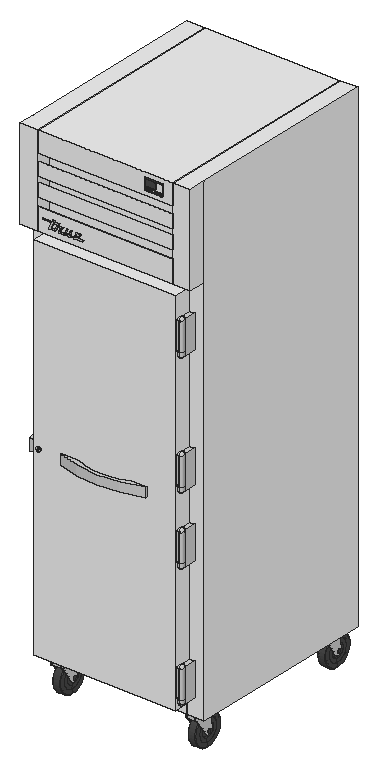
Revit family "QF_TRUE_STR1R-1S-HC", category Specialty Equipment, Revit 2011 (continued)
Automatic sketch dimensions
  level to Revolve 31 sketch curve = 1"
  Revolve 31 sketch curve to plane 4 "RIGHT" = 3 19/32"
  Revolve 31 sketch curve to Revolve 31 sketch curve = 1/4"
  Revolve 31 sketch curve to Revolve 31 sketch curve = 1/2"
  Revolve 31 sketch curve to Revolve 31 sketch curve = 0"
  Revolve 31 sketch curve to Revolve 31 sketch curve = 5/8"
  plane 7 to Revolve 31 sketch curve = 1 25/32"
  Revolve 32 sketch curve to plane 7 = 0.62954"
  Revolve 32 sketch curve to plane 4 "RIGHT" = 4.14082"
  Revolve 32 sketch curve to Revolve 32 sketch curve = 1.29707"
  Revolve 32 sketch curve to Revolve 32 sketch curve = 0"
  Revolve 32 sketch curve to Revolve 32 sketch curve = 0.10278"
  Revolve 32 sketch curve to plane 7 = 0.00141"
  plane 7 to Revolve 32 sketch curve = 0.26768"
  Extrusion 33 sketch curve to plane 7 = 0.63926"  (x2)
  Extrusion 33 sketch curve to plane 5 "FRONT" = 3.79864"
  Extrusion 33 sketch curve to Extrusion 33 sketch curve = 1/4"  (x2)
  Extrusion 33 sketch curve to Extrusion 33 sketch curve = 2 1/2"
  Extrusion 33 sketch curve to plane 7 = 0.93273"  (x2)
  Extrusion 33 sketch curve to Extrusion 33 sketch curve = 0.03603"
  plane 1 "BACK" to Extrusion 33 sketch curve = 3.8577"
  Extrusion 33 sketch curve to plane 7 = 1.24411"
  plane 1 "BACK" to Extrusion 33 sketch curve = 1.1077"
  Revolve 34 sketch curve to plane 4 "RIGHT" = 4.35148"
  Revolve 34 sketch curve to Revolve 34 sketch curve = 0.48273"
  Revolve 34 sketch curve to Revolve 34 sketch curve = 0.4"
  Revolve 34 sketch curve to Revolve 34 sketch curve = 0"  (x2)
  Revolve 34 sketch curve to Revolve 34 sketch curve = 0.1"  (x2)
  Revolve 34 sketch curve to Revolve 34 sketch curve = 0.16101"
  Revolve 34 sketch curve to Revolve 34 sketch curve = 0.75408"
  Revolve 34 sketch curve to Revolve 34 sketch curve = 0.92798"
  Revolve 34 sketch curve to Revolve 34 sketch curve = 0.06101"
  Revolve 34 sketch curve to Revolve 34 sketch curve = 1/2"
  Revolve 34 sketch curve to Revolve 34 sketch curve = 0.16509"
  Revolve 34 sketch curve to Revolve 34 sketch curve = 0.39592"
  level to Revolve 34 sketch curve = 2 1/2"
  Revolve 34 sketch curve to Revolve 34 sketch curve = 0.29941"  (x2)
  Revolve 34 sketch curve to Revolve 34 sketch curve = 3/4"  (x4)
  Revolve 34 sketch curve to Revolve 34 sketch curve = 0.59652"
  Revolve 34 sketch curve to Revolve 34 sketch curve = 0.60059"
  plane 3 "LEFT" to Revolve 35 sketch curve = 1.33602"
  Revolve 35 sketch curve to Revolve 35 sketch curve = 0.48273"
  Revolve 35 sketch curve to plane 8 = 5/8"  (x2)
  Revolve 35 sketch curve to Revolve 35 sketch curve = 0.1"  (x2)
  Revolve 35 sketch curve to Revolve 35 sketch curve = 0.16101"
  plane 8 to Revolve 35 sketch curve = 0.12908"
  plane 8 to Revolve 35 sketch curve = 0.46399"
  plane 8 to Revolve 35 sketch curve = 0.525"
  Revolve 35 sketch curve to Revolve 35 sketch curve = 1/2"
  Revolve 35 sketch curve to Revolve 35 sketch curve = 0.16509"
  Revolve 35 sketch curve to Revolve 35 sketch curve = 0.39592"
  level to Revolve 35 sketch curve = 2 1/2"
  Revolve 35 sketch curve to Revolve 35 sketch curve = 0"
  Revolve 35 sketch curve to Revolve 35 sketch curve = 0.29941"  (x2)
  Revolve 35 sketch curve to Revolve 35 sketch curve = 3/4"  (x4)
  Revolve 35 sketch curve to Revolve 35 sketch curve = 0.59652"
  Revolve 35 sketch curve to Revolve 35 sketch curve = 0.60059"
  Extrusion 36 sketch curve to plane 7 = 0.63926"  (x2)
  Extrusion 36 sketch curve to plane 5 "FRONT" = 3.79864"
  Extrusion 36 sketch curve to Extrusion 36 sketch curve = 1/4"  (x2)
  level to Extrusion 36 sketch curve = 2.18736"  (x2)
  Extrusion 36 sketch curve to Extrusion 36 sketch curve = 1.7492"
  Extrusion 36 sketch curve to Extrusion 36 sketch curve = 0.50669"  (x2)
  Extrusion 36 sketch curve to Extrusion 36 sketch curve = 2 1/2"
  level to Extrusion 36 sketch curve = 2.59003"
  Extrusion 36 sketch curve to Extrusion 36 sketch curve = 0.59966"  (x2)
  plane 1 "BACK" to Extrusion 36 sketch curve = 3.8577"
  plane 1 "BACK" to Extrusion 36 sketch curve = 1.8585"
  plane 1 "BACK" to Extrusion 36 sketch curve = 1.1077"
  Extrusion 36 sketch curve to Extrusion 36 sketch curve = 0.32905"
  Extrusion 36 sketch curve to Extrusion 36 sketch curve = 0.60485"  (x2)
  Extrusion 37 sketch curve to plane 7 = 0.63926"  (x2)
  Extrusion 37 sketch curve to plane 5 "FRONT" = 3.79864"
  Extrusion 37 sketch curve to Extrusion 37 sketch curve = 1/4"  (x2)
  level to Extrusion 37 sketch curve = 2.18736"  (x2)
  Extrusion 37 sketch curve to Extrusion 37 sketch curve = 1.7492"
  Extrusion 37 sketch curve to Extrusion 37 sketch curve = 0.50669"  (x2)
  Extrusion 37 sketch curve to Extrusion 37 sketch curve = 2 1/2"
  level to Extrusion 37 sketch curve = 2.59003"
  Extrusion 37 sketch curve to Extrusion 37 sketch curve = 0.59966"  (x2)
  plane 1 "BACK" to Extrusion 37 sketch curve = 3.8577"
  plane 1 "BACK" to Extrusion 37 sketch curve = 1.8585"
  plane 1 "BACK" to Extrusion 37 sketch curve = 1.1077"
  Extrusion 37 sketch curve to Extrusion 37 sketch curve = 0.32905"
  Extrusion 37 sketch curve to Extrusion 37 sketch curve = 0.60485"  (x2)
  Revolve 38 sketch curve to plane 8 = 0"  (x2)
  Revolve 38 sketch curve to plane 7 = 0.62954"
  Revolve 38 sketch curve to plane 8 = 1.29707"
  Revolve 38 sketch curve to Revolve 38 sketch curve = 0.10278"
  Revolve 38 sketch curve to plane 7 = 0.00141"
  plane 7 to Revolve 38 sketch curve = 0.26768"
  Revolve 39 sketch curve to level = 0"
  Revolve 39 sketch curve to plane 8 = 0"  (x2)
  Revolve 39 sketch curve to plane 8 = 1/2"
  Revolve 39 sketch curve to Revolve 39 sketch curve = 1/4"
  Revolve 39 sketch curve to plane 7 = 0"
  Revolve 39 sketch curve to plane 8 = 1.33338"
  level to Revolve 39 sketch curve = 1"
  Revolve 39 sketch curve to Revolve 39 sketch curve = 5/8"
  plane 7 to Revolve 39 sketch curve = 1 25/32"
  Revolve 40 sketch curve to level = 0"
  Revolve 40 sketch curve to plane 8 = 0"  (x2)
  Revolve 40 sketch curve to plane 8 = 1/2"
  Revolve 40 sketch curve to Revolve 40 sketch curve = 1/4"
  Revolve 40 sketch curve to plane 7 = 0"
  Revolve 40 sketch curve to plane 8 = 1.33338"
  level to Revolve 40 sketch curve = 1"
  Revolve 40 sketch curve to Revolve 40 sketch curve = 5/8"
  plane 7 to Revolve 40 sketch curve = 1 25/32"
  Revolve 41 sketch curve to plane 8 = 0"  (x2)
  Revolve 41 sketch curve to plane 7 = 0.62954"
  Revolve 41 sketch curve to plane 8 = 1.29707"
  Revolve 41 sketch curve to Revolve 41 sketch curve = 0.10278"
  Revolve 41 sketch curve to plane 7 = 0.00141"
  plane 7 to Revolve 41 sketch curve = 0.26768"
  Extrusion 42 sketch curve to plane 7 = 0.63926"  (x2)
  Extrusion 42 sketch curve to plane 5 "FRONT" = 3.79864"
  Extrusion 42 sketch curve to Extrusion 42 sketch curve = 1/4"  (x2)
  Extrusion 42 sketch curve to Extrusion 42 sketch curve = 2 1/2"
  Extrusion 42 sketch curve to plane 7 = 0.93273"  (x2)
  Extrusion 42 sketch curve to Extrusion 42 sketch curve = 0.03603"
  plane 1 "BACK" to Extrusion 42 sketch curve = 3.8577"
  Extrusion 42 sketch curve to plane 7 = 1.24411"
  plane 1 "BACK" to Extrusion 42 sketch curve = 1.1077"
  plane 3 "LEFT" to Revolve 43 sketch curve = 1.33602"
  Revolve 43 sketch curve to Revolve 43 sketch curve = 0.48273"
  Revolve 43 sketch curve to plane 8 = 5/8"  (x2)
  Revolve 43 sketch curve to Revolve 43 sketch curve = 0.1"  (x2)
  Revolve 43 sketch curve to Revolve 43 sketch curve = 0.16101"
  plane 8 to Revolve 43 sketch curve = 0.12908"
  plane 8 to Revolve 43 sketch curve = 0.46399"
  plane 8 to Revolve 43 sketch curve = 0.525"
  Revolve 43 sketch curve to Revolve 43 sketch curve = 1/2"
  Revolve 43 sketch curve to Revolve 43 sketch curve = 0.16509"
  Revolve 43 sketch curve to Revolve 43 sketch curve = 0.39592"
  level to Revolve 43 sketch curve = 2 1/2"
  Revolve 43 sketch curve to Revolve 43 sketch curve = 0"
  Revolve 43 sketch curve to Revolve 43 sketch curve = 0.29941"  (x2)
  Revolve 43 sketch curve to Revolve 43 sketch curve = 3/4"  (x4)
  Revolve 43 sketch curve to Revolve 43 sketch curve = 0.59652"
  Revolve 43 sketch curve to Revolve 43 sketch curve = 0.60059"
  plane 5 "FRONT" to Extrusion 44 sketch curve = 0"
  Extrusion 44 sketch curve to plane 8 = 11/16"
  Extrusion 44 sketch curve to plane 4 "RIGHT" = 2 3/8"
  Extrusion 45 sketch curve to plane 4 "RIGHT" = 2 27/32"
  Extrusion 45 sketch curve to plane 5 "FRONT" = 5.09023"
  Extrusion 46 sketch curve to plane 8 = 0"
  Extrusion 46 sketch curve to plane 5 "FRONT" = 5.09023"
  Extrusion 47 sketch curve to plane 4 "RIGHT" = 2 27/32"
  plane 1 "BACK" to Extrusion 47 sketch curve = 2.69102"
  Extrusion 48 sketch curve to plane 8 = 0"
  plane 1 "BACK" to Extrusion 48 sketch curve = 2.69102"
  plane 1 "BACK" to curve 1 = 0"
  curve 1 to plane 3 "LEFT" = 0"
  plane 5 "FRONT" to curve 27 = 0"
  curve 4 to plane 4 "RIGHT" = 0"
  plane 3 "LEFT" to curve 11 = 1.20097"
  plane 3 "LEFT" to curve 8 = 1.20097"
  curve 27 to plane 8 = 11/16"
  curve 12 to plane 8 = 11/32"
  curve 9 to plane 8 = 11/32"
  plane 1 "BACK" to curve 10 = 0.4208"
  plane 8 to curve 10 = 0.98222"
  plane 8 to curve 7 = 0.98222"
  plane 8 to curve 26 = 2.38973"
  plane 8 to curve 24 = 4.03871"
  curve 24 to curve 22 = 2.37379"
  curve 6 to curve 23 = 8 17/32"
  curve 22 to curve 23 = 0"
  curve 22 to curve 25 = 2.42621"
  curve 15 to plane 4 "RIGHT" = 5.39157"
  curve 25 to curve 20 = 1.71972"
  curve 15 to curve 16 = 1.29904"
  curve 19 to curve 21 = 1.29904"
  plane 1 "BACK" to curve 15 = 0.4208"
  curve 15 to plane 4 "RIGHT" = 2.76657"
  curve 19 to plane 4 "RIGHT" = 2.67282"
  curve 26 to plane 4 "RIGHT" = 2 3/8"
  curve 27 to curve 26 = 0"
  curve 23 to curve 25 = 0.18984"
  curve 5 to plane 5 "FRONT" = 2 1/4"
  curve 21 to plane 5 "FRONT" = 3.92849"
  curve 5 to curve 8 = 1.78257"
  curve 20 to curve 20 = 3/4"
  curve 8 to curve 7 = 3/4"
  curve 22 to plane 5 "FRONT" = 8.90906"
  curve 22 to curve 23 = 8.47905"
  curve 12 to curve 10 = 5.29663"
  curve 16 to curve 14 = 5.29663"
  plane 5 "FRONT" to Extrusion 7 sketch curve = 0"  (x2)
  plane 8 to Extrusion 7 sketch curve = 4.0125"
  Extrusion 7 sketch curve to Extrusion 7 sketch curve = 2.4"  (x2)
  Extrusion 7 sketch curve to Extrusion 7 sketch curve = 4.4"
  Extrusion 7 sketch curve to Extrusion 7 sketch curve = 0"
  Extrusion 7 sketch curve to Extrusion 7 sketch curve = 0.2"
  Extrusion 7 sketch curve to plane 5 "FRONT" = 8.90906"
  Extrusion 7 sketch curve to Extrusion 7 sketch curve = 8.47905"
  radius of Extrusion 8 sketch curve = 0.35"
  radius of Extrusion 12 sketch curve = 1/4"
  radius of Extrusion 45 sketch curve = 1 1/2"
  radius of Extrusion 46 sketch curve = 1 1/2"
  radius of Extrusion 47 sketch curve = 1 1/2"
  radius of Extrusion 48 sketch curve = 1 1/2"
Connectors (in)
  electrical at (24.25, -0.0625, 82), driven by "Volts", driven by "Watts"
    settings: on Extrusion 12, index 1, voltage 115 V, apparent load 437 VA, apparent load phase1 0 VA, apparent load phase2 0 VA, apparent load phase3 0 VA, power factor 1, load classification "Other", number of poles 1, system type 30, power factor state 1, is connector primary yes, connector utility no, sub classification motor no, connector description "ELECTRICAL CONNECTION"
